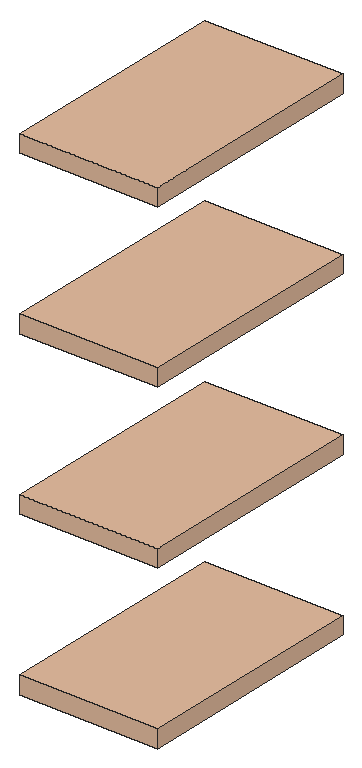
Revit family "STANDARD_SHELVES", category Furniture, Revit 2019
Family settings
  Work Plane-Based = No
  Always vertical = Yes
  Cut with Voids When Loaded = No
  Shared = No
  Room Calculation Point = No
Parameters
  WIDHT = 0' - 11 7/8"
  M_STANDARD_SHELVES = M_WD_SHELVES
  HEIGHT [instance] = 4' - 8"
  DEPHT = 1' - 8"
Reference planes (in)
  plane 1 "Center (Front/Back)": y = 0
  plane 2: z = 0
  plane 3 "Center (Left/Right)": x = 0
  plane 4: z = 56
Forms (in)
  Extrusion 1, solid, material "M_WD_SHELVES" <- "M_STANDARD_SHELVES"
    sketch origin (0, 0, 0) x (1, 0, 0) y (0, 1, 0)
      loop
        line (-5.9375, 10) -> (-5.9375, -10) -> (5.9375, -10) -> (5.9375, 10) -> (-5.9375, 10)
    from 0 to 1.5
  Extrusion 2, solid, material "M_WD_SHELVES" <- "M_STANDARD_SHELVES"
    sketch origin (0, 0, 13) x (1, 0, 0) y (0, 1, 0)
      loop
        line (-5.9375, 10) -> (-5.9375, -10) -> (5.9375, -10) -> (5.9375, 10) -> (-5.9375, 10)
    from 2.5 to 1
  Extrusion 3, solid, material "M_WD_SHELVES" <- "M_STANDARD_SHELVES"
    sketch origin (0, 0, 27) x (1, 0, 0) y (0, 1, 0)
      loop
        line (-5.9375, 10) -> (-5.9375, -10) -> (5.9375, -10) -> (5.9375, 10) -> (-5.9375, 10)
    from 2.5 to 1
  Extrusion 4, solid, material "M_WD_SHELVES" <- "M_STANDARD_SHELVES"
    sketch origin (0, 0, 41) x (1, 0, 0) y (0, 1, 0)
      loop
        line (-5.9375, 10) -> (-5.9375, -10) -> (5.9375, -10) -> (5.9375, 10) -> (-5.9375, 10)
    from 2.5 to 1
Dimensions and locks (in)
  "WIDHT": Extrusion 1 sketch curve to Extrusion 1 sketch curve
  "DEPHT": Extrusion 1 sketch curve to Extrusion 1 sketch curve
  equal spacing: Extrusion 1 sketch curve, plane 3 "Center (Left/Right)", Extrusion 1 sketch curve
  equal spacing: Extrusion 1 sketch curve, plane 1 "Center (Front/Back)", Extrusion 1 sketch curve
  locked: Extrusion 1 to Extrusion 1 at 1.5
  "WIDHT": Extrusion 2 sketch curve to Extrusion 2 sketch curve
  "DEPHT": Extrusion 2 sketch curve to Extrusion 2 sketch curve
  equal spacing: Extrusion 2 sketch curve, plane 3 "Center (Left/Right)", Extrusion 2 sketch curve
  equal spacing: Extrusion 2 sketch curve, plane 1 "Center (Front/Back)", Extrusion 2 sketch curve
  locked: Extrusion 2 to Extrusion 2 at 1.5
  "WIDHT": Extrusion 3 sketch curve to Extrusion 3 sketch curve
  equal spacing: Extrusion 3 sketch curve, plane 3 "Center (Left/Right)", Extrusion 3 sketch curve
  equal spacing: Extrusion 3 sketch curve, plane 1 "Center (Front/Back)", Extrusion 3 sketch curve
  locked: Extrusion 3 to Extrusion 3 at 1.5
  "WIDHT": Extrusion 4 sketch curve to Extrusion 4 sketch curve
  equal spacing: Extrusion 4 sketch curve, plane 1 "Center (Front/Back)", Extrusion 4 sketch curve  (x2)
  equal spacing: Extrusion 4 sketch curve, plane 3 "Center (Left/Right)", Extrusion 4 sketch curve
  locked: Extrusion 4 to Extrusion 4 at 1.5
  equal spacing: plane 4, Extrusion 4, Extrusion 3, Extrusion 2, plane 2
  "HEIGHT": plane 4 to plane 2
  "DEPHT": Extrusion 4 to Extrusion 4
  "DEPHT": Extrusion 3 sketch curve to Extrusion 3 sketch curve
  aligned and locked: level to plane 2
Automatic sketch dimensions
  plane 1 "Center (Front/Back)" to Extrusion 4 sketch curve = 0' - 10"
